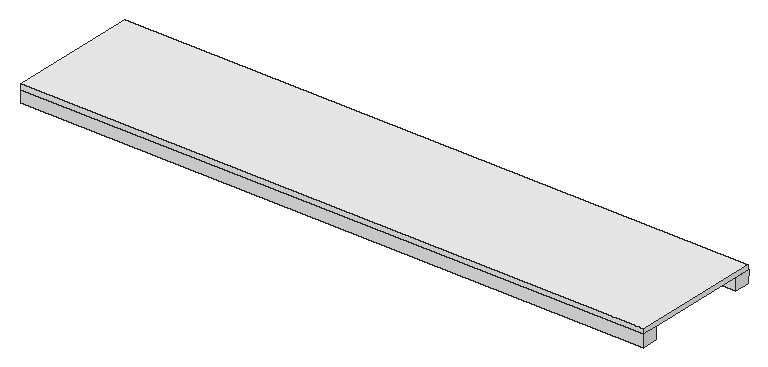
Revit family "LWplc_Latchwaysplc_WrkngPltfrmAndWlkwySym_WalkSafe_PermanentlyFixedRoofLadderSystem", category Specialty Equipment, host Face, Revit 2013
Parameters (values of type "WorkingPlatformAndWalkwaySystem_WalkSafe_AcrossCrown_Latchwaysplc")
  Width = 630 mm
  WarrantyStartDate [instance] = "1900-12-31T23:59:59"
  WarrantyGuarantorParts = "n/a"
  WarrantyGuarantorLabor = "n/a"
  WarrantyDurationUnit = "year"
  WarrantyDurationParts = "n/a"
  WarrantyDurationLabor = "n/a"
  WarrantyDescription = "n/a"
  Version = "1"  # constant formula
  Uniclass2 = "Ss_35_10_30_95"
  URL = "www.latchways.com"
  Type Comments = "n/a"
  TreadPattern = LWplc_Latchwaysplc_PVC_AcrossTread
  TreadDepth = 24 mm
  TagNumber [instance] = "n/a"
  SustainabilityPerformance = "n/a"
  Size = "630 x 3000 x 83 mm"
  Shape = "n/a"
  ServiceLifeDuration = "n/a"
  SerialNumber [instance] = "n/a"
  Revision = "n/a"
  ReplacementCost = "n/a"
  Reference = "n/a"
  ProductInformation = "www.latchways.com/BIM/66001-00_Walksafe_BUOS_Comp_AcrossCrown.pdf"
  NominalWidth = 630 mm
  NominalLength = 3000 mm
  NominalHeight = 83 mm
  Name = "WorkingPlatformAndWalkingSystem_WalkSafe_AcrossCrown_Latchwaysplc"
  NBSReference = "30-05-30/195"
  NBSNote = "n/a"
  NBSDescription = "Working platform and walkway system"
  ModelReference = "Walksafe - BUOS-Comp Roof - Across Crown"
  ModelNumber = "66001-00"
  Model = "66001-00"
  Material = "PVC-U"
  ManufacturerURL = "www.latchways.com"
  ManufacturerName = "Latchways plc"
  Manufacturer = "info@latchways.com"
  Length = 3000 mm
  InstallationDate [instance] = "1900-12-31T23:59:59"
  IfcExportType = "IfcTransportElement"  # constant formula
  IfcExportAs = "NOTDEFINED"  # constant formula
  Grade = "n/a"
  FireExit = no
  Finish = "n/a"
  Features = "n/a"
  ExpectedLife = "n/a"
  DurationUnit = "year"
  Description = "Latchways ManSafe® for Roofing, using WalkSafe"
  Constituents = "n/a"
  Color = "n/a"
  CodePerformance = "n/a"
  Category = "n/a"
  BaseMaterial = LWplc_Latchways_PVC
  BaseDepth = 58 mm
  Default Elevation = 1219.2 mm
  BarCode [instance] = "n/a"
  BIMObjectName = "LWplc_Latchwaysplc_WorkingPlatformAndWalkwaySystem_WalkSafe_BUOSAcrossCrown"
  Author = "Latchways plc"  # constant formula
  AssetType = "Movable"
  AssetIdentifier [instance] = "n/a"
  AccessibilityPerformance = "n/a"
Types (6, lengths in mm): name | Width | TreadPattern | Size | ProductInformation | NominalWidth | NominalHeight | Name | ModelReference | ModelNumber | Model | BaseMaterial | BaseDepth | BIMObjectName
  (no name) | 630 | LWplc_Latchwaysplc_PVC_AcrossTread | "630 x 3000 x 83 mm" | "www.latchways.com/BIM/66001-00_Walksafe_BUOS_Comp_AcrossCrown.pdf" | 630 | 83 | "WorkingPlatformAndWalkingSystem_WalkSafe_AcrossCrown_Latchwaysplc" | "Walksafe - BUOS-Comp Roof - Across Crown" | "66001-00" | "66001-00" | LWplc_Latchways_PVC | 58 | "LWplc_Latchwaysplc_WorkingPlatformAndWalkwaySystem_WalkSafe_BUOSAcrossCrown"
  WorkingPlatformAndWalkwaySystem_WalkSafe_InlineCrown_Latchwaysplc | 630 | LWplc_Latchwaysplc_PVC_InlineTread | "630 x 3000 x 83 mm" | "www.latchways.com/BIM/66002-00_Walksafe_BUOS_Comp_InLineWithCrown.pdf" | 630 | 83 | "WorkingPlatformAndWalkingSystem_WalkSafe_InlineCrown_Latchwaysplc" | "Walksafe - BUOS-Comp Roof - Inline with Crown" | "66002-00" | "66002-00" | none | 58 | "LWplc_Latchwaysplc_WorkingPlatformAndWalkWaySystem_WalkSafe_BUOSInlineCrown"
  WorkingPlatformAndWalkwaySystem_WalkSafe_AcrossCrown_Latchwaysplc | 630 | LWplc_Latchwaysplc_PVC_AcrossTread | "630 x 3000 x 83 mm" | "www.latchways.com/BIM/66001-00_Walksafe_BUOS_Comp_AcrossCrown.pdf" | 630 | 83 | "WorkingPlatformAndWalkingSystem_WalkSafe_AcrossCrown_Latchwaysplc" | "Walksafe - BUOS-Comp Roof - Across Crown" | "66001-00" | "66001-00" | LWplc_Latchways_PVC | 58 | "LWplc_Latchwaysplc_WorkingPlatformAndWalkwaySystem_WalkSafe_BUOSAcrossCrown"
  WorkingPlatformAndWalkwaySystem_WalkSafe_FlatRoof_Latchwaysplc | 600 | LWplc_Latchwaysplc_PVC_InlineTread | "600 x 3000 x 50 mm" | "www.latchways.com/BIM/66006-00_Walksafe_SinglePlyMembrane.pdf" | 600 | 50 | "WorkingPlatformAndWalkingSystem_WalkSafe_FlatRoof_Latchwaysplc" | "Walksafe - Single Ply Flat Roof" | "66006-00" | "66006-00" | none | 50 | "LWplc_Latchwaysplc_WorkingPlatformAndWalkwaySystem_WalkSafe_FlatRoof"
  WorkingPlatformAndWalkwaySystem_WalkSafe_AcrossSeam_Latchwaysplc | 630 | LWplc_Latchwaysplc_PVC_AcrossTread | "630 x 3000 x 83 mm" | "www.latchways.com/BIM/66001-00_Walksafe_StandingSeam_AcrossSeams.pdf" | 630 | 83 | "WorkingPlatformAndWalkingSystem_WalkSafe_AcrossSeam_Latchwaysplc" | "Walksafe - Standing Seam Roof - Across Seam" | "66001-00" | "66001-00" | none | 58 | "LWplc_Latchwaysplc_WorkingPlatformAndWalkwaySystem_WalkSafeAcrossSeam"
  WorkingPlatformAndWalkwaySystem_WalkSafe_InlineSeam_Latchwaysplc | 630 | LWplc_Latchwaysplc_PVC_InlineTread | "630 x 3000 x 83 mm" | "www.latchways.com/BIM/66002-00_Walksafe_StandingSeam_InLineWithSeams.pdf" | 630 | 83 | "WorkingPlatformAndWalkingSystem_WalkSafe_InlineSeam_Latchwaysplc" | "Walksafe - Standing Seam Roof - Inline with Seam" | "66002-00" | "66002-00" | none | 58 | "LWplc_Latchwaysplc_WorkingPlatformAndWalkwaySystem_WalkSafe_InlineSeam"
Reference planes
  plane 1 "Center (Front/Back)": y = 0
  plane 2: z = 0
  plane 3 "Center (Left/Right)": x = 0
  plane 4: y = -315
  plane 5: y = 315
  plane 6: x = -1500
  plane 7: x = 1500
  plane 8: z = 58
  plane 9: y = 240
  plane 10: y = -240
Forms (mm)
  Extrusion 1, solid, material "LWplc_Latchways_PVC" <- "BaseMaterial", detail levels coarse
    sketch origin (0, 0, 0) x (1, 0, 0) y (0, 1, 0)
      loop
        line (-1500, -315) -> (1500, -315) -> (1500, 315) -> (-1500, 315) -> (-1500, -315)
    from 0 to 58 <- "BaseDepth"
  Extrusion 2, solid, material "LWplc_Latchwaysplc_PVC_AcrossTread" <- "TreadPattern"
    sketch origin (0, 0, 58) x (1, 0, 0) y (0, 1, 0)
      loop
        line (-1500, 315) -> (-1500, -315) -> (1500, -315) -> (1500, 315) -> (-1500, 315)
    from 0 to 24 <- "TreadDepth"
  Extrusion 3, solid, material "LWplc_Latchways_PVC" <- "BaseMaterial", detail levels medium+fine
    sketch origin (0, 0, 0) x (0, 1, 0) y (0, 0, 1)
      loop
        line (315, 58) -> (240, 58) -> (240, 0) -> (315, 0) -> (315, 58)
      loop
        line (-315, 58) -> (-315, 0) -> (-240, 0) -> (-240, 58) -> (-315, 58)
    from -1500 to 1500
Dimensions and locks
  plane 4 to plane 1 "Center (Front/Back)" to plane 5 = 315 mm, 315 mm
  "Width": plane 4 to plane 5
  "BaseDepth": plane 8 to level
  equal spacing: plane 6, plane 3 "Center (Left/Right)", plane 7
  "Length": plane 6 to plane 7
  locked: plane 5 to plane 9 at 75
  locked: plane 10 to plane 4 at 75
  aligned and locked: host face to plane 2
  aligned and locked: host face to level
  aligned and locked: plane 4 to Extrusion 1
  aligned and locked: Extrusion 1 to plane 5
  aligned and locked: Extrusion 1 to plane 6
  aligned and locked: plane 7 to Extrusion 1
  aligned and locked: Extrusion 2 to plane 6
  aligned and locked: plane 7 to Extrusion 2
  aligned and locked: Extrusion 2 to plane 5
  aligned and locked: plane 4 to Extrusion 2
  aligned and locked: Extrusion 2 to plane 8
  aligned and locked: plane 8 to Extrusion 1
  aligned and locked: plane 5 to Extrusion 3 sketch curve
  aligned and locked: plane 4 to Extrusion 3 sketch curve
  aligned and locked: plane 8 to Extrusion 3 sketch curve
  aligned and locked: Extrusion 3 sketch curve to plane 8
  aligned and locked: plane 9 to Extrusion 3
  aligned and locked: Extrusion 3 to plane 10
  aligned and locked: plane 7 to Extrusion 3
  aligned and locked: Extrusion 3 to plane 6
Automatic sketch dimensions
  host sketch curve to host sketch curve = 4156.807 mm
  host sketch curve to host sketch curve = 2438.4 mm
  plane 5 to Extrusion 1 sketch curve = 0 mm
  Extrusion 1 sketch curve to plane 6 = 0 mm
  plane 4 to Extrusion 1 sketch curve = 0 mm
  Extrusion 1 sketch curve to plane 7 = 0 mm
  Extrusion 2 sketch curve to Extrusion 1 = 0 mm  (x4)
  Extrusion 3 sketch curve to level = 0 mm  (x2)
  Extrusion 3 sketch curve to Extrusion 3 sketch curve = 75 mm  (x2)
